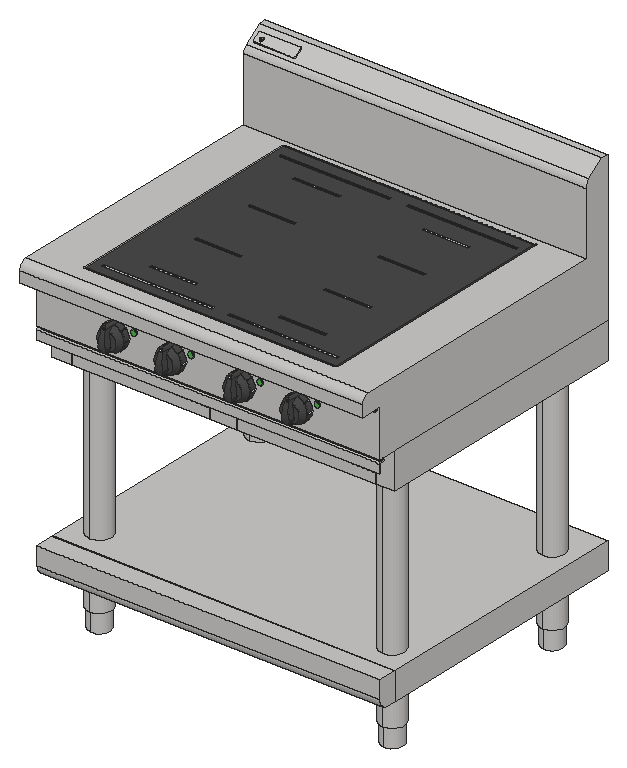
Revit family "QF_Moffat_IN8400F-LS_Induction_Cooktop_cat", category Specialty Equipment, Revit 2019 (continued)
Definition of nested family "QF_LOGO_Waldorf"
  Automatic sketch dimensions
    Split face 1 sketch curve to Split face 1 sketch curve = 9.486 mm
    Split face 1 sketch curve to Split face 1 sketch curve = 16.213 mm
    Split face 1 sketch curve to Split face 1 sketch curve = 3.48 mm
    Split face 1 sketch curve to Split face 1 sketch curve = 4.918 mm
    Split face 1 sketch curve to Split face 1 sketch curve = 7.609 mm
    Split face 1 sketch curve to Split face 1 sketch curve = 0.01 mm  (x2)
    Split face 1 sketch curve to Split face 1 sketch curve = 0.002 mm
    Split face 2 sketch curve to Extrusion 1 = 11.169 mm
    Extrusion 1 to Split face 2 sketch curve = 25.647 mm
    Split face 2 sketch curve to Split face 2 sketch curve = 3.72 mm
    Split face 2 sketch curve to Extrusion 1 = 11.965 mm
    Split face 2 sketch curve to Split face 2 sketch curve = 0.371 mm
    Split face 2 sketch curve to Extrusion 1 = 6.602 mm
    Split face 2 sketch curve to Split face 2 sketch curve = 2.689 mm
    Split face 2 sketch curve to Split face 2 sketch curve = 0.318 mm
    Split face 2 sketch curve to Split face 2 sketch curve = 3.729 mm
    Split face 2 sketch curve to Split face 2 sketch curve = 0.414 mm
    Split face 2 sketch curve to Split face 2 sketch curve = 0.875 mm
    Split face 2 sketch curve to Split face 2 sketch curve = 0.878 mm
    Split face 3 sketch curve to Extrusion 1 = 8.597 mm
    Extrusion 1 to Split face 3 sketch curve = 29.688 mm
    Split face 3 sketch curve to Extrusion 1 = 9.264 mm
    Split face 3 sketch curve to Split face 3 sketch curve = 2.326 mm
    Split face 4 sketch curve to Extrusion 1 = 5.728 mm
    Extrusion 1 to Split face 4 sketch curve = 38.08 mm
    Split face 4 sketch curve to Split face 4 sketch curve = 3.843 mm
    Split face 4 sketch curve to Extrusion 1 = 9.736 mm
    Split face 5 sketch curve to Extrusion 1 = 9.736 mm
    Split face 5 sketch curve to Extrusion 1 = 43.205 mm
    Split face 5 sketch curve to Extrusion 1 = 6.679 mm
    Split face 5 sketch curve to Split face 5 sketch curve = 0.342 mm
    Split face 5 sketch curve to Split face 5 sketch curve = 3.375 mm
    Split face 5 sketch curve to Split face 5 sketch curve = 0.952 mm
    Split face 5 sketch curve to Split face 5 sketch curve = 3.998 mm
    Split face 6 sketch curve to Extrusion 1 = 7.499 mm
    Split face 6 sketch curve to Extrusion 1 = 44.727 mm
    Split face 6 sketch curve to Split face 6 sketch curve = 2.07 mm
    Split face 7 sketch curve to Extrusion 1 = 5.305 mm
    Split face 7 sketch curve to Extrusion 1 = 32.551 mm
    Split face 7 sketch curve to Split face 7 sketch curve = 4.443 mm
    Split face 8 sketch curve to Extrusion 1 = 7.654 mm
    Split face 8 sketch curve to Extrusion 1 = 32.551 mm
    Split face 8 sketch curve to Split face 8 sketch curve = 2.095 mm
    Split face 9 sketch curve to Extrusion 1 = 5.728 mm
    Split face 9 sketch curve to Extrusion 1 = 25.521 mm
    Split face 9 sketch curve to Split face 9 sketch curve = 3.519 mm
    Split face 9 sketch curve to Split face 9 sketch curve = 0.315 mm
    Split face 9 sketch curve to Split face 9 sketch curve = 3.33 mm
    Split face 9 sketch curve to Split face 9 sketch curve = 3.248 mm
    Split face 9 sketch curve to Split face 9 sketch curve = 1.795 mm
    Split face 9 sketch curve to Split face 9 sketch curve = 3.36 mm
    Split face 9 sketch curve to Split face 9 sketch curve = 1.545 mm
    Split face 9 sketch curve to Split face 9 sketch curve = 0.233 mm
    Split face 10 sketch curve to Extrusion 1 = 18.106 mm
    Split face 10 sketch curve to Split face 10 sketch curve = 1.188 mm  (x2)
    Split face 10 sketch curve to Split face 10 sketch curve = 3.285 mm
    Split face 10 sketch curve to Split face 10 sketch curve = 3.789 mm
    Split face 10 sketch curve to Split face 10 sketch curve = 0 mm  (x2)
    Split face 10 sketch curve to Split face 10 sketch curve = 1.629 mm
    Split face 10 sketch curve to Split face 10 sketch curve = 2.133 mm
    Split face 10 sketch curve to Extrusion 1 = 5.728 mm
    Split face 10 sketch curve to Split face 10 sketch curve = 6.245 mm
    Split face 10 sketch curve to Split face 10 sketch curve = 1.907 mm  (x2)
    Split face 10 sketch curve to Split face 10 sketch curve = 1.197 mm
    Split face 10 sketch curve to Split face 10 sketch curve = 2.19 mm
Definition of nested family "Knob"
  Parameters (values of type "Knob")
    Weight in Pounds = 0
    URL Cutsheet = ""
    Specification by User = ""
    Specification by Manufacturer = ""
    Serial Number = ""
    Seismic Rating = ""
    SMACNA No = ""
    Revision Code = ""
    NAFEM Spec ID Number = ""
    Masterspec = ""
    Length = 65 mm
    Item Number = ""
    Installed By = ""
    Identify Quantity as Lot = yes
    Height = 69.5 mm
    Furnished By = ""
    Foodservice Equipment Identifier = yes
    Depth = 59 mm
    CSI MasterFormat = ""
  Reference planes
    plane 1 "BACK": y = 0
    plane 2: z = 0
    plane 3 "LEFT": x = 0
    plane 4 "RIGHT": x = 65
    plane 5 "FRONT": y = -59
    plane 6 "TOP": z = 69.5
    plane 7 "Center Y": x = 32.5
    plane 8 "Center X": y = -29.5
  Forms (mm)
    Revolve 1, solid
      sketch origin (32.5, 175.397, 1219.2) x (0, 1, 0) y (0, 0, 1)
        loop
          line (-175.397, -1186.7) -> (-219.397, -1186.7) -> (-219.397, -1211.501) -> (-202.106, -1219.2) -> (-185.397, -1219.2) -> (-185.397, -1191.7) -> (-175.397, -1191.7) -> (-175.397, -1186.7)
        axis (-219.397, -1186.7) -> (-175.397, -1186.7)
      angle from 0 to 360
    Extrusion 2, solid
      sketch origin (32.5, 175.397, 1219.2) x (0, 1, 0) y (0, 0, 1)
        loop
          line (-202.106, -1154.2) -> (-185.397, -1154.2) -> (-185.397, -1149.7) -> (-224.105, -1149.7)
          arc (-224.105, -1149.7) -> (-233.965, -1178.467) -> (-230.696, -1208.7) r 70
          line (-230.696, -1208.7) -> (-219.397, -1208.7) -> (-219.397, -1161.899) -> (-202.106, -1154.2)
      from -15 to 15
    Extrusion 3, void
      sketch origin (0, 0, 0) x (1, 0, 0) y (0, 0, 1)
        loop
          line (27.501, 64.613) -> (22.02, 20.585)
          arc (22.02, 20.585) -> (32.792, 10.488) -> (42.986, 21.169) r 10.487
          line (42.986, 21.169) -> (37.499, 64.613)
          arc (37.499, 64.613) -> (32.5, 69.5) -> (27.501, 64.613) r 5
        loop
          line (10, 72.977) -> (10, 5.625) -> (55, 5.625) -> (55, 72.977) -> (10, 72.977)
      from 6.142 to 69.687
    Extrusion 4, solid
      sketch origin (0, -34.115, -16.916) x (1, 0, 0) y (0, 0.45399, 0.891007)
        loop
          circle (32.497, 65) r 2
      from 51.525 to 53.075
    Extrusion 5, solid
      sketch origin (32.5, -10, 32.5) x (0, 0, -1) y (-1, 0, 0)
        loop
          line (-23.54, -22.408) -> (-24.106, -22.974)
          arc (-24.106, -22.974) -> (-23.547, -23.547) -> (-22.974, -24.106) r 33.3
          line (-22.974, -24.106) -> (-22.408, -23.54)
          arc (-22.408, -23.54) -> (-22.981, -22.981) -> (-23.54, -22.408) r 32.5
        loop
          arc (-0.8, -33.29) -> (0, -33.3) -> (0.8, -33.29) r 33.3
          line (0.8, -33.29) -> (0.8, -32.49)
          arc (0.8, -32.49) -> (0, -32.5) -> (-0.8, -32.49) r 32.5
          line (-0.8, -32.49) -> (-0.8, -33.29)
        loop
          arc (23.54, -22.408) -> (22.981, -22.981) -> (22.408, -23.54) r 32.5
          line (22.408, -23.54) -> (22.974, -24.106)
          arc (22.974, -24.106) -> (23.547, -23.547) -> (24.106, -22.974) r 33.3
          line (24.106, -22.974) -> (23.54, -22.408)
        loop
          arc (-23.54, 22.408) -> (-22.981, 22.981) -> (-22.408, 23.54) r 32.5
          line (-22.408, 23.54) -> (-22.974, 24.106)
          arc (-22.974, 24.106) -> (-23.547, 23.547) -> (-24.106, 22.974) r 33.3
          line (-24.106, 22.974) -> (-23.54, 22.408)
        loop
          line (-0.8, 33.29) -> (-0.8, 32.49)
          arc (-0.8, 32.49) -> (0, 32.5) -> (0.8, 32.49) r 32.5
          line (0.8, 32.49) -> (0.8, 33.29)
          arc (0.8, 33.29) -> (0, 33.3) -> (-0.8, 33.29) r 33.3
        loop
          line (32.49, -0.8) -> (33.29, -0.8)
          arc (33.29, -0.8) -> (33.3, 0) -> (33.29, 0.8) r 33.3
          line (33.29, 0.8) -> (32.49, 0.8)
          arc (32.49, 0.8) -> (32.5, 0) -> (32.49, -0.8) r 32.5
        loop
          arc (24.106, 22.974) -> (23.547, 23.547) -> (22.974, 24.106) r 33.3
          line (22.974, 24.106) -> (22.408, 23.54)
          arc (22.408, 23.54) -> (22.981, 22.981) -> (23.54, 22.408) r 32.5
          line (23.54, 22.408) -> (24.106, 22.974)
      from 0 to -16.709
  Cuts and joins
    Extrusion 3 cuts Extrusion 2
  Dimensions and locks
    equal spacing: plane 3 "LEFT", plane 7 "Center Y", plane 4 "RIGHT"
    "Length": plane 3 "LEFT" to plane 4 "RIGHT"
    equal spacing: plane 5 "FRONT", plane 8 "Center X", plane 1 "BACK"
    "Depth": plane 5 "FRONT" to plane 1 "BACK"
    "Height": plane 6 "TOP" to level
    plane 4 "RIGHT" to plane 3 "LEFT" = 65 mm
    aligned and locked: level to plane 2
  Automatic sketch dimensions
    Revolve 1 sketch curve to level = 0 mm
    Revolve 1 sketch curve to plane 1 "BACK" = 0 mm  (x2)
    plane 1 "BACK" to Revolve 1 sketch curve = 10 mm
    plane 8 "Center X" to Revolve 1 sketch curve = 2.791 mm
    Revolve 1 sketch curve to plane 8 "Center X" = 14.5 mm
    level to Revolve 1 sketch curve = 7.699 mm
    level to Revolve 1 sketch curve = 27.5 mm
    Revolve 1 sketch curve to Revolve 1 sketch curve = 5 mm
    Revolve 1 sketch curve to Revolve 1 sketch curve = 35 mm
    Revolve 1 sketch curve to Revolve 1 sketch curve = 0 mm
    Extrusion 2 sketch curve to plane 6 "TOP" = 0 mm
    Extrusion 2 sketch curve to plane 5 "FRONT" = 3.702 mm
    Extrusion 2 sketch curve to plane 5 "FRONT" = 10.293 mm
    Extrusion 2 sketch curve to Extrusion 2 sketch curve = 11.298 mm
    plane 8 "Center X" to Extrusion 2 sketch curve = 2.791 mm
    plane 1 "BACK" to Extrusion 2 sketch curve = 10 mm
    Extrusion 2 sketch curve to plane 1 "BACK" = 11 mm
    Extrusion 2 sketch curve to plane 6 "TOP" = 4.5 mm
    Extrusion 2 sketch curve to plane 6 "TOP" = 12.199 mm
    level to Extrusion 2 sketch curve = 32.962 mm
    level to Extrusion 3 sketch curve = 5.625 mm
    Extrusion 3 sketch curve to plane 7 "Center Y" = 0 mm  (x2)
    Extrusion 3 sketch curve to plane 7 "Center Y" = 4.999 mm
    Extrusion 3 sketch curve to plane 7 "Center Y" = 10.48 mm
    plane 6 "TOP" to Extrusion 3 sketch curve = 3.477 mm
    plane 3 "LEFT" to Extrusion 3 sketch curve = 10 mm
    Extrusion 3 sketch curve to plane 6 "TOP" = 4.887 mm
    Extrusion 3 sketch curve to Extrusion 3 sketch curve = 4.999 mm
    plane 7 "Center Y" to Extrusion 3 sketch curve = 10.486 mm
    level to Extrusion 3 sketch curve = 20.585 mm
    Extrusion 3 sketch curve to Extrusion 3 sketch curve = 0.387 mm
    Extrusion 3 sketch curve to Extrusion 3 sketch curve = 0.113 mm
    plane 4 "RIGHT" to Extrusion 3 sketch curve = 10 mm
    Extrusion 5 sketch curve to Revolve 1 = 32.49 mm
    Revolve 1 to Extrusion 5 sketch curve = 32.49 mm
    Extrusion 5 sketch curve to Revolve 1 = 23.54 mm  (x2)
    Revolve 1 to Extrusion 5 sketch curve = 23.54 mm  (x2)
    Extrusion 5 sketch curve to Revolve 1 = 24.106 mm  (x2)
    Revolve 1 to Extrusion 5 sketch curve = 24.106 mm  (x2)
    Revolve 1 to Extrusion 5 sketch curve = 22.408 mm  (x2)
    Extrusion 5 sketch curve to Revolve 1 = 22.408 mm  (x2)
    Revolve 1 to Extrusion 5 sketch curve = 22.974 mm  (x2)
    Extrusion 5 sketch curve to Revolve 1 = 22.974 mm  (x2)
    Extrusion 5 sketch curve to Extrusion 5 sketch curve = 1.6 mm  (x2)
    Revolve 1 to Extrusion 5 sketch curve = 0.8 mm
    Extrusion 5 sketch curve to Revolve 1 = 0.8 mm
    Extrusion 4 sketch curve to plane 7 "Center Y" = 0.003 mm
    radius of Extrusion 5 sketch curve to Revolve 1 = 0 mm  (x7)
    radius of Revolve 1 to Extrusion 5 sketch curve = 0.8 mm  (x7)
    radius of Extrusion 4 sketch curve = 2 mm
Types (2, lengths in mm): name | Volts | Cycle
  IN8400F-LS_415/60/3 | 415 V | 60 Hz
  IN8400F-LS_400/50/3 | 400 V | 50 Hz
